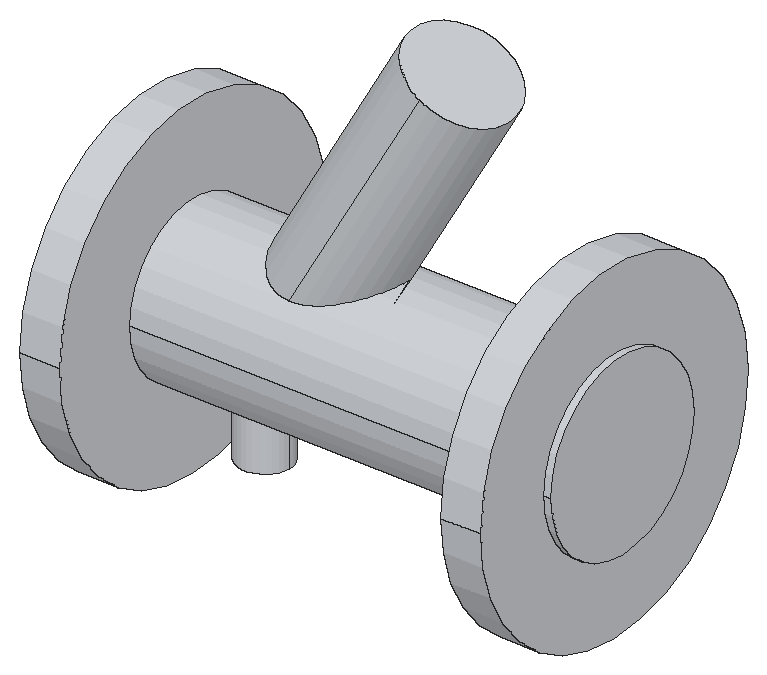
Revit family "HS 821-síto_standard-PN16-DN020-RFA_2018", category Pipe Accessories, Revit 2018
Family settings
  Round Connector Dimension = Use Diameter
  Part Type = Breaks Into
  Work Plane-Based = No
  Always vertical = Yes
  Cut with Voids When Loaded = No
  Shared = No
Parameters (values of type "821A-DN020-PN16-síto_standard")
  magiProductId = "41cd6c7a12924f4991217528336076"
  magiProductFamilyId = "79214ac3aaa945e397802f559f5c1e"
  magiPartTypeId = 307
  isMeasuringValve [instance] = no
  ang2D [instance] = 0.00°
  ZB__ve = -ZB  # -17.75 mm
  ZB1 = 22.68 mm
  ZB = 17.75 mm
  X2 = 51.673 mm
  X1 = 21 mm
  W2D = 15 mm
  VersionID = "2.0/2017.9.26.1/ZETKAMA_821_001"
  Use Minimum Symbol Size [instance] = yes
  URL = "www.hydronix.cz"
  Type Comments = "Filtr přírubový; síto standardní; A-PN16 (-10~300°C); D-PN25 (-10~350°C); F-PN40 (-10~400°C)"
  S = 56 mm
  QmdConnectorList = "301;D;302;D"
  Productdata [instance] = ""
  Manufacturer = "Hydronix"
  MC Product Code = "200 120 (821A; DN020; PN16; kvs11,2; oko síta 1,00mm)"
  LM1 = 12 mm
  LM = 120 mm
  L4 = 37.5 mm
  L2D_Min = 3048 mm
  L2D = 130 mm
  L2 = 75 mm
  HH2 = 89.5 mm
  FD = 105 mm
  Description = "Filtr přírubový; síto standardní; 821A-PN16; 821D-PN25; 821F-PN40"
  DM1 = 33.6 mm
  DM = 50.4 mm
  D = 20 mm
  CC = 2.55 mm
  CAT0 = yes
  C1 = 12.45 mm
  C = 15 mm
  BD = 15.876 mm
Types (40, lengths in mm): name | magiProductId | ZB__ve | ZB1 | ZB | X2 | X1 | S | MC Product Code | LM1 | LM | L4 | L2 | HH2 | FD | DM1 | DM | D | CC | C1 | C | BD
  821A-DN015-PN16-síto_standard | "a71bcfe8b393460598b23e8ddf7dc5" | -16.25 | 18.63 | 16.25 | 46.982 | 18.2 | 46 | "200 115 (821A; DN015; PN16; kvs6,3; oko síta 1,00mm)" | 10.4 | 104 | 32.5 | 65 | 81.375 | 95 | 27.6 | 41.4 | 15 | 2.21 | 10.79 | 13 | 13.041
  821A-DN020-PN16-síto_standard | "41cd6c7a12924f4991217528336076" | -17.75 | 22.68 | 17.75 | 51.673 | 21 | 56 | "200 120 (821A; DN020; PN16; kvs11,2; oko síta 1,00mm)" | 12 | 120 | 37.5 | 75 | 89.5 | 105 | 33.6 | 50.4 | 20 | 2.55 | 12.45 | 15 | 15.876
  821A-DN025-PN16-síto_standard | "be378b463ed14c3abf4c9b3ae8cf3a" | -19.25 | 26.325 | 19.25 | 58.601 | 22.4 | 65 | "200 125 (821A; DN025; PN16; kvs14,7; oko síta 1,00mm)" | 12.8 | 128 | 40 | 80 | 101.5 | 115 | 43.2 | 58.5 | 25 | 2.72 | 13.28 | 16 | 18.427
  821A-DN032-PN16-síto_standard | "227a0d18b21540afabe8b6067d35fa" | -23 | 30.78 | 23 | 68.849 | 25.2 | 76 | "200 132 (821A; DN032; PN16; kvs23,7; oko síta 1,00mm)" | 14.4 | 144 | 45 | 90 | 119.25 | 140 | 50.4 | 68.4 | 32 | 3.06 | 14.94 | 18 | 21.546
  821A-DN040-PN16-síto_standard | "d106917c74724141a10440112d0102" | -24.5 | 34.02 | 24.5 | 75.777 | 28 | 84 | "200 140 (821A; DN040; PN16; kvs37,7; oko síta 1,00mm)" | 16 | 160 | 50 | 100 | 131.25 | 150 | 60 | 75.6 | 40 | 3.4 | 16.6 | 20 | 23.814
  821A-DN050-PN16-síto_standard | "8255d456a09e4f6486734f5dd9171b" | -26.75 | 40.095 | 26.75 | 79.061 | 32.2 | 99 | "200 150 (821A; DN050 PN16; kvs57,9; oko síta 1,00mm)" | 18.4 | 184 | 57.5 | 115 | 136.938 | 165 | 73.8 | 89.1 | 50 | 3.91 | 19.09 | 23 | 28.066
  821A-DN065-PN16-síto_standard | "235b1b3e4c0843779a4d5e3716d40a" | -29.75 | 47.79 | 29.75 | 86.927 | 40.6 | 118 | "200 165 (821A; DN065; PN16; kvs101,5; oko síta 1,25mm)" | 23.2 | 232 | 72.5 | 145 | 150.562 | 185 | 94.2 | 106.2 | 65 | 4.93 | 24.07 | 29 | 33.453
  821A-DN080-PN16-síto_standard | "a067f7c5236348ed8c820d16df7214" | -32 | 53.46 | 32 | 104.753 | 43.4 | 132 | "200 180 (821A; DN080; PN16; kvs147,4; oko síta 1,25mm)" | 24.8 | 248 | 77.5 | 155 | 181.438 | 200 | 107.4 | 118.8 | 80 | 5.27 | 25.73 | 31 | 37.422
  821A-DN100-PN16-síto_standard | "c49a648c2747461285837d643703cd" | -35 | 63.18 | 35 | 114.857 | 49 | 156 | "200 190 (821A; DN100; PN16; kvs209,6; oko síta 1,60mm)" | 28 | 280 | 87.5 | 175 | 198.937 | 220 | 131.4 | 140.4 | 100 | 5.95 | 29.05 | 35 | 44.226
  821A-DN125-PN16-síto_standard | "bf68e728a163493cbd2a663b26ebdc" | -39.5 | 74.52 | 39.5 | 131.888 | 56 | 184 | "200 191 (821A; DN125; PN16; kvs326,2; oko síta 1,60mm)" | 32 | 320 | 100 | 200 | 228.438 | 250 | 165 | 165.6 | 125 | 6.8 | 33.2 | 40 | 52.164
  821A-DN150-PN16-síto_standard | "2de770284b654863ae6bc865769dc5" | -44.75 | 85.455 | 44.75 | 155.885 | 67.2 | 211 | "200 192 (821A; DN150; PN16; kvs403; oko síta 1,60mm)" | 38.4 | 384 | 120 | 240 | 270 | 285 | 192 | 189.9 | 150 | 8.16 | 39.84 | 48 | 59.818
  821A-DN200-PN16-síto_standard | "8e5693371ab64aabb29a7f08c76e15" | -53 | 107.73 | 53 | 188.361 | 84 | 266 | "200 193 (821A; DN200; PN16; kvs707; oko síta 1,60mm)" | 48 | 480 | 150 | 300 | 326.25 | 340 | 252 | 239.4 | 200 | 10.2 | 49.8 | 60 | 75.411
  821A-DN250-PN16-síto_standard | "05e37ed948c34047acdd4c42556504" | -62.75 | 129.195 | 62.75 | 255.911 | 102.2 | 319 | "200 194 (821A; DN250; PN16; kvs1234; oko síta 1,60mm)" | 58.4 | 584 | 182.5 | 365 | 443.25 | 405 | 309.6 | 287.1 | 250 | 12.41 | 60.59 | 73 | 90.436
  821A-DN300-PN16-síto_standard | "9ad0af747269428da925480d83ce80" | -71 | 149.85 | 71 | 325.914 | 119 | 370 | "200 195 (821A; DN300; PN16; kvs1916; oko síta 1,60mm)" | 68 | 680 | 212.5 | 425 | 564.5 | 460 | 369.6 | 333 | 300 | 14.45 | 70.55 | 85 | 104.895
  821A-DN350-PN16-síto_standard | "eebc71459bb3451bb4355e7951370a" | -80 | 173.745 | 80 | 356.875 | 137.2 | 429 | "200 196 (821A; DN350; PN16; kvs2621; oko síta 1,60mm)" | 78.4 | 784 | 245 | 490 | 618.125 | 520 | 438 | 386.1 | 350 | 16.66 | 81.34 | 98 | 121.621
  821A-DN400-PN16-síto_standard | "d2f677cb196647e385b2590e7d8abe" | -89 | 194.4 | 89 | 392.237 | 154 | 480 | "200 197 (821A; DN400; PN16; kvs3460; oko síta 1,60mm)" | 88 | 880 | 275 | 550 | 679.375 | 580 | 498 | 432 | 400 | 18.7 | 91.3 | 110 | 136.08
  821D-DN015-PN25-síto_standard | "27ddcbf555414f8ca1fde329bf9087" | -16.25 | 18.63 | 16.25 | 46.982 | 18.2 | 46 | "200 215 (821D; DN015; PN25; kvs6,3; oko síta 1,00mm)" | 10.4 | 104 | 32.5 | 65 | 81.375 | 95 | 27.6 | 41.4 | 15 | 2.21 | 10.79 | 13 | 13.041
  821D-DN020-PN25-síto_standard | "270e0f14012f47189cd0235c18faee" | -17.75 | 22.68 | 17.75 | 51.673 | 21 | 56 | "200 220 (821D; DN020; PN25; kvs11,2; oko síta 1,00mm)" | 12 | 120 | 37.5 | 75 | 89.5 | 105 | 33.6 | 50.4 | 20 | 2.55 | 12.45 | 15 | 15.876
  821D-DN025-PN25-síto_standard | "b9a7fb4aa36643878c637d8e1ab992" | -19.25 | 26.325 | 19.25 | 58.601 | 22.4 | 65 | "200 225 (821D; DN025; PN25; kvs14,7; oko síta 1,00mm)" | 12.8 | 128 | 40 | 80 | 101.5 | 115 | 43.2 | 58.5 | 25 | 2.72 | 13.28 | 16 | 18.427
  821D-DN032-PN25-síto_standard | "6be9a55c4e68400f94eec7e804204c" | -23 | 30.78 | 23 | 68.849 | 25.2 | 76 | "200 232 (821D; DN032; PN25; kvs23,7; oko síta 1,00mm)" | 14.4 | 144 | 45 | 90 | 119.25 | 140 | 50.4 | 68.4 | 32 | 3.06 | 14.94 | 18 | 21.546
  821D-DN040-PN25-síto_standard | "c54511bd7f584ec2984291479612cb" | -24.5 | 34.02 | 24.5 | 75.777 | 28 | 84 | "200 240 (821D; DN040; PN25; kvs37,7; oko síta 1,00mm)" | 16 | 160 | 50 | 100 | 131.25 | 150 | 60 | 75.6 | 40 | 3.4 | 16.6 | 20 | 23.814
  821D-DN050-PN25-síto_standard | "5483b1f596b04cd39b23a14a22c90e" | -26.75 | 40.095 | 26.75 | 79.061 | 32.2 | 99 | "200 250 (821D; DN050; PN25; kvs57,9; oko síta 1,00mm)" | 18.4 | 184 | 57.5 | 115 | 136.938 | 165 | 73.8 | 89.1 | 50 | 3.91 | 19.09 | 23 | 28.066
  821D-DN065-PN25-síto_standard | "767b0f8318e94750bc7a9930ed5b30" | -29.75 | 47.79 | 29.75 | 86.927 | 40.6 | 118 | "200 265 (821D; DN065; PN25; kvs101,5; oko síta 1,25mm)" | 23.2 | 232 | 72.5 | 145 | 150.562 | 185 | 94.2 | 106.2 | 65 | 4.93 | 24.07 | 29 | 33.453
  821D-DN080-PN25-síto_standard | "e21040fa3cc2404b858198f6b73709" | -32 | 53.46 | 32 | 104.753 | 43.4 | 132 | "200 280 (821D; DN080; PN25; kvs147,4; oko síta 1,25mm)" | 24.8 | 248 | 77.5 | 155 | 181.438 | 200 | 107.4 | 118.8 | 80 | 5.27 | 25.73 | 31 | 37.422
  821D-DN100-PN25-síto_standard | "175ca87a506b40b3bc6b82f12f33cf" | -37.25 | 63.18 | 37.25 | 114.857 | 49 | 156 | "200 290 (821D; DN100; PN25; kvs209,6; oko síta 1,60mm)" | 28 | 280 | 87.5 | 175 | 198.937 | 235 | 131.4 | 140.4 | 100 | 5.95 | 29.05 | 35 | 44.226
  821D-DN125-PN25-síto_standard | "77cc98d60da24855999a22dff726b2" | -42.5 | 74.52 | 42.5 | 131.888 | 56 | 184 | "200 291 (821D; DN125; PN25; kvs326,2; oko síta 1,60mm)" | 32 | 320 | 100 | 200 | 228.438 | 270 | 165 | 165.6 | 125 | 6.8 | 33.2 | 40 | 52.164
  821D-DN150-PN25-síto_standard | "9cf8acfcd15547d68e83172d3abcbe" | -47 | 85.455 | 47 | 155.885 | 67.2 | 211 | "200 292 (821D; DN150; PN25; kvs403; oko síta 1,60mm)" | 38.4 | 384 | 120 | 240 | 270 | 300 | 192 | 189.9 | 150 | 8.16 | 39.84 | 48 | 59.818
  821D-DN200-PN25-síto_standard | "16973f3c9ea14389ba8602495a6b64" | -56 | 110.97 | 56 | 188.361 | 84 | 274 | "200 293 (821D; DN200; PN25; kvs707; oko síta 1,60mm)" | 48 | 480 | 150 | 300 | 326.25 | 360 | 252 | 246.6 | 200 | 10.2 | 49.8 | 60 | 77.679
  821F-DN015-PN40-síto_standard | "4c7eaf3c4c0340888b3e684d8a8616" | -16.25 | 18.225 | 16.25 | 46.982 | 18.2 | 45 | "240 615 (821F; DN015; PN40; kvs6,3; oko síta 1,00mm)" | 10.4 | 104 | 32.5 | 65 | 81.375 | 95 | 27.6 | 40.5 | 15 | 2.21 | 10.79 | 13 | 12.757
  821F-DN020-PN40-síto_standard | "aaac5f1ec96b44d6ba96ac2293d66d" | -17.75 | 23.49 | 17.75 | 51.673 | 21 | 58 | "240 620 (821F; DN020; PN40; kvs11,2; oko síta 1,00mm)" | 12 | 120 | 37.5 | 75 | 89.5 | 105 | 33.6 | 52.2 | 20 | 2.55 | 12.45 | 15 | 16.443
  821F-DN025-PN40-síto_standard | "504768023968471481789485b54c7e" | -19.25 | 27.54 | 19.25 | 58.601 | 22.4 | 68 | "240 625 (821F; DN025; PN40; kvs14,7; oko síta 1,00mm)" | 12.8 | 128 | 40 | 80 | 101.5 | 115 | 43.2 | 61.2 | 25 | 2.72 | 13.28 | 16 | 19.278
  821F-DN032-PN40-síto_standard | "165e7f39cf744f329bdf1c400dad12" | -23 | 31.59 | 23 | 68.849 | 25.2 | 78 | "240 632 (821F; DN032; PN40; kvs23,7; oko síta 1,00mm)" | 14.4 | 144 | 45 | 90 | 119.25 | 140 | 50.4 | 70.2 | 32 | 3.06 | 14.94 | 18 | 22.113
  821F-DN040-PN40-síto_standard | "b8903f952089408fbf3a5a632bab1f" | -24.5 | 35.64 | 24.5 | 75.777 | 28 | 88 | "240 640 (821F; DN040; PN40; kvs37,7; oko síta 1,00mm)" | 16 | 160 | 50 | 100 | 131.25 | 150 | 60 | 79.2 | 40 | 3.4 | 16.6 | 20 | 24.948
  821F-DN050-PN40-síto_standard | "c451f97266fe48da8f879cb6a2bd44" | -26.75 | 41.31 | 26.75 | 79.061 | 32.2 | 102 | "240 650 (821F; DN050; PN40; kvs57,9; oko síta 1,00mm)" | 18.4 | 184 | 57.5 | 115 | 136.938 | 165 | 73.8 | 91.8 | 50 | 3.91 | 19.09 | 23 | 28.917
  821F-DN065-PN40-síto_standard | "dc9821e3f9b34e128f6a8c6b34c198" | -29.75 | 49.41 | 29.75 | 86.927 | 40.6 | 122 | "240 665 (821F; DN065; PN40; kvs101,5; oko síta 1,25mm)" | 23.2 | 232 | 72.5 | 145 | 150.562 | 185 | 94.2 | 109.8 | 65 | 4.93 | 24.07 | 29 | 34.587
  821F-DN080-PN40-síto_standard | "689aa1e260f84cf4994f027a1d86b5" | -32 | 55.89 | 32 | 104.753 | 43.4 | 138 | "240 680 (821F; DN080; PN40; kvs147,4; oko síta 1,25mm)" | 24.8 | 248 | 77.5 | 155 | 181.438 | 200 | 107.4 | 124.2 | 80 | 5.27 | 25.73 | 31 | 39.123
  821F-DN100-PN40-síto_standard | "8a45d4e8e2ab425f8c432f21d684f3" | -37.25 | 65.61 | 37.25 | 114.857 | 49 | 162 | "240 690 (821F; DN100; PN40; kvs209,6; oko síta 1,6mm)" | 28 | 280 | 87.5 | 175 | 198.937 | 235 | 131.4 | 145.8 | 100 | 5.95 | 29.05 | 35 | 45.927
  821F-DN125-PN40-síto_standard | "cf073904c006406b8645afa67ea2fc" | -42.5 | 76.14 | 42.5 | 131.888 | 56 | 188 | "240 691 (821F; DN125; PN40; kvs326,2; oko síta 1,6mm)" | 32 | 320 | 100 | 200 | 228.438 | 270 | 165 | 169.2 | 125 | 6.8 | 33.2 | 40 | 53.298
  821F-DN150-PN40-síto_standard | "0153b9ddabe14992a630484929fdbc" | -47 | 88.29 | 47 | 155.885 | 67.2 | 218 | "240 692 (821F; DN150; PN40; kvs403; oko síta 1,6mm)" | 38.4 | 384 | 120 | 240 | 270 | 300 | 192 | 196.2 | 150 | 8.16 | 39.84 | 48 | 61.803
  821F-DN200-PN40-síto_standard | "7fb3fc01dd8d42428c203e3f8dd4d5" | -56 | 115.425 | 56 | 188.361 | 84 | 285 | "240 693 (821F; DN200; PN40; kvs707; oko síta 1,6mm)" | 48 | 480 | 150 | 300 | 326.25 | 360 | 252 | 256.5 | 200 | 10.2 | 49.8 | 60 | 80.797
Reference planes
  plane 1 "Center (Front/Back)": y = 0
  plane 2 "XYPLANE": z = 0
  plane 3 "Center (Left/Right)": x = 0
  plane 4 "109": x = -48
  plane 5 "108": x = 60
  plane 6 "107": x = -60
  plane 7 "105": x = 75
  plane 8 "104": x = -75
  plane 9 "103": y = 0
  plane 10 "102": z = 0
  plane 11 "101": x = -72.45
  plane 12 "100": x = 72.45
  plane 13 "11": x = -27
  plane 14 "10": z = 89.5
  plane 15 "9": x = 24.673
  plane 16 "5": z = -22.68
  plane 17 "4": x = -37.5
  plane 18 "1": x = 37.5
Forms (mm)
  Extrusion 1, solid, visible <- "CAT0"
    sketch origin (-60, -750, 0) x (0, 1, 0) y (0, 0, 1)
      loop
        circle (750, 0) r 25.2
    from 0 to 120 <- "LM"
  Extrusion 2, solid
    sketch origin (-75, -750, 0) x (0, 1, 0) y (0, 0, 1)
      loop
        circle (750, 0) r 28
    from 0 to 2.55 <- "CC"
  Extrusion 3, solid
    sketch origin (-72.45, -750, 0) x (0, 1, 0) y (0, 0, 1)
      loop
        circle (750, 0) r 52.5
    from 0 to 12.45 <- "C1"
  Extrusion 4, solid
    sketch origin (60, -750, 0) x (0, 1, 0) y (0, 0, 1)
      loop
        circle (750, 0) r 52.5
    from 0 to 12.45 <- "C1"
  Extrusion 5, solid
    sketch origin (72.45, -750, 0) x (0, 1, 0) y (0, 0, 1)
      loop
        circle (750, 0) r 28
    from 0 to 2.55 <- "CC"
  Sweep 6, solid, visible <- "CAT0"
    path origin (750, 0, 0) x (-1, 0, 0) y (0, 0, 1)
      loop
        line (810, 0) -> (777, 0) -> (725.327, 89.5)
    profile origin (-60, 0, 0) x (0, 0, -1) y (0, 1, 0)
      loop
        circle (0, 0) r 16.8
  Extrusion 7, solid, visible <- "CAT0"
    sketch origin (-750, 0, -22.68) x (1, 0, 0) y (0, 1, 0)
      loop
        circle (712.5, 0) r 7.938
    from 0 to -17.75 <- "ZB__ve"
  Extrusion 8, solid, visible <- "CAT0"
    sketch origin (-750, 0, -22.68) x (1, 0, 0) y (0, 1, 0)
      loop
        circle (787.5, 0) r 7.938
    from 0 to -17.75 <- "ZB__ve"
  Extrusion 9, solid, not visible
    sketch origin (75, -750, 0) x (0, 1, 0) y (0, 0, 1)
      loop
        circle (750, 0) r 10
    from 0 to -10
  Extrusion 10, solid, not visible
    sketch origin (-75, -750, 0) x (0, 1, 0) y (0, 0, 1)
      loop
        circle (750, 0) r 10
    from 0 to 10
Lines and regions (mm)
  reference lines, not visible
    curve 1: circle (2, 2, 0) r 1 normal (0, 0, 1)
Dimensions and locks
  plane 1 "Center (Front/Back)" to curve 1 = 2 mm
  "LM1": plane 6 "107" to plane 4 "109"
  "LM": plane 6 "107" to plane 5 "108"
  "C": plane 8 "104" to plane 6 "107"
  "L2": plane 3 "Center (Left/Right)" to plane 7 "105"
  "L2": plane 3 "Center (Left/Right)" to plane 8 "104"
  locked: plane 1 "Center (Front/Back)" to plane 9 "103"
  locked: plane 2 "XYPLANE" to plane 10 "102"
  "CC": plane 8 "104" to plane 11 "101"
  "C1": plane 5 "108" to plane 12 "100"
  "X1": plane 4 "109" to plane 13 "11"
  "HH2": plane 2 "XYPLANE" to plane 14 "10"
  "X2": plane 13 "11" to plane 15 "9"
  "ZB1": plane 2 "XYPLANE" to plane 16 "5"
  "L4": plane 8 "104" to plane 17 "4"
  "L2": plane 17 "4" to plane 18 "1"
  Sweep 6 sketch curve to Sweep 6 sketch curve = 0 mm  (x2)
  "DM": diameter of Extrusion 1 sketch curve
  "S": diameter of Extrusion 2 sketch curve
  "FD": diameter of Extrusion 3 sketch curve
  "FD": diameter of Extrusion 4 sketch curve
  "S": diameter of Extrusion 5 sketch curve
  "DM1": diameter of Sweep 6 sketch curve
  "BD": diameter of Extrusion 7 sketch curve
  "BD": diameter of Extrusion 8 sketch curve
  aligned and locked: level to plane 2 "XYPLANE"
  aligned and locked: Extrusion 1 sketch curve to plane 9 "103"
  aligned and locked: plane 10 "102" to Extrusion 1 sketch curve
  aligned and locked: Extrusion 2 sketch curve to plane 9 "103"
  aligned and locked: plane 10 "102" to Extrusion 2 sketch curve
  aligned and locked: Extrusion 3 sketch curve to plane 9 "103"
  aligned and locked: plane 10 "102" to Extrusion 3 sketch curve
  aligned and locked: Extrusion 4 sketch curve to plane 9 "103"
  aligned and locked: plane 10 "102" to Extrusion 4 sketch curve
  aligned and locked: Extrusion 5 sketch curve to plane 9 "103"
  aligned and locked: plane 10 "102" to Extrusion 5 sketch curve
  aligned and locked: Sweep 6 sketch curve to plane 9 "103"
  aligned and locked: plane 10 "102" to Sweep 6 sketch curve  (x3)
  aligned and locked: plane 6 "107" to Sweep 6 sketch curve
  aligned and locked: plane 13 "11" to Sweep 6 sketch curve
  aligned and locked: plane 14 "10" to Sweep 6 sketch curve
  aligned and locked: plane 15 "9" to Sweep 6 sketch curve
  aligned and locked: plane 9 "103" to Extrusion 7 sketch curve
  aligned and locked: plane 17 "4" to Extrusion 7 sketch curve
  aligned and locked: plane 9 "103" to Extrusion 8 sketch curve
  aligned and locked: plane 18 "1" to Extrusion 8 sketch curve
  aligned and locked: Extrusion 9 sketch curve to plane 9 "103"
  aligned and locked: plane 10 "102" to Extrusion 9 sketch curve
  aligned and locked: Extrusion 10 sketch curve to plane 9 "103"
  aligned and locked: plane 10 "102" to Extrusion 10 sketch curve
Automatic sketch dimensions
  plane 1 "Center (Front/Back)" to Extrusion 9 sketch curve = 10 mm
  plane 1 "Center (Front/Back)" to Extrusion 10 sketch curve = 10 mm
  plane 3 "Center (Left/Right)" to curve 1 = 2 mm
  radius of curve 1 = 1 mm
Connectors
  piping at (-75, 0, 0), diameter 20, driven by "D"
    settings: on Extrusion 10, index 1, connector inside diameter 609.6 mm, connector length 0 mm, flow factor 0, pipe flow 0.0 L/s, pressure drop 0.0 Pa, fitting loss kfactor 0, connector angle 0.00°, fixture units 0, engagement length 0 mm, angle of deflection 0.00°, flow configuration 0, flow direction 0, fitting loss method 0, system type 29, joint type 0, gender type 0, connector reference index 2, connector utility 0, adjustable connector no, is connector primary yes, connector description ""
  piping at (75, 0, 0), diameter 20, driven by "D"
    settings: on Extrusion 9, index 2, connector inside diameter 609.6 mm, connector length 0 mm, flow factor 0, pipe flow 0.0 L/s, pressure drop 0.0 Pa, fitting loss kfactor 0, connector angle 0.00°, fixture units 0, engagement length 0 mm, angle of deflection 0.00°, flow configuration 0, flow direction 0, fitting loss method 0, system type 29, joint type 0, gender type 0, connector reference index 1, connector utility 0, adjustable connector no, is connector primary no, connector description ""
